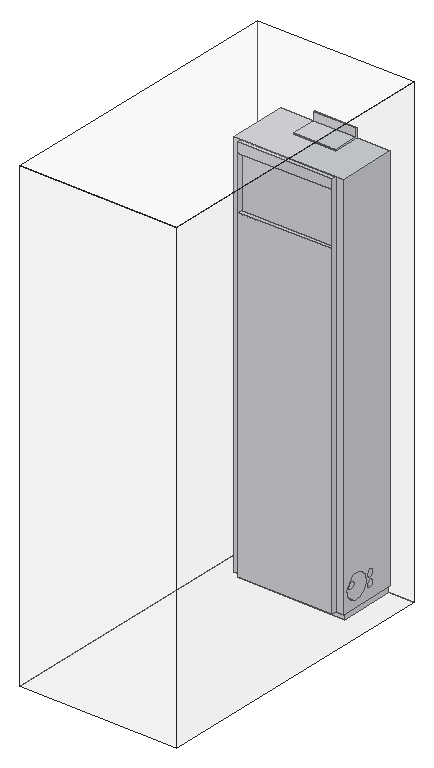
Revit family "ps-rp50160ka20_50hz", category 機械設備, Revit 2019
Family settings
  丸型コネクタ寸法 = 直径を使用
  パーツ タイプ = 標準
  OmniClass 番号 = 23.75.10.24.21.27.27
  OmniClass タイトル = Split System Air Conditioning Units
  作業面ベース = いいえ
  常に垂直 = はい
  ロード時にボイドで切り取り = いいえ
  共有 = いいえ
  部屋計算ポイント = はい
Parameters (values of type "床置_PS-RP50KA20")
  風量_強 (㎥/min) = 14
  風量_弱 (㎥/min) = 12
  風量_中 (㎥/min) = 13
  風量 = MAX風量  # 840.0 m³/h
  音響パワーレベル_弱 (dB) = 52
  音響パワーレベル_中 (dB) = 54
  音響パワーレベル_強 (dB) = 56
  音響パワーレベル(dB) = [音響パワーレベル_強 (dB)]  # 56
  電線用ノックアウト穴Z2 = 90 mm
  電線用ノックアウト穴Z1 = 130 mm
  電線用ノックアウト穴Y = 110 mm
  電源種別 = ""
  電源_H = 0 mm
  電機品箱位置W = 22 mm
  電機品箱位置H = 641 mm
  電機品箱位置D = 170 mm
  電機品箱W = 348 mm
  電機品箱H = 151 mm
  電機品箱D = 61 mm
  電圧 = 0 V
  電動機出力_送風機 = 0.05 kW
  運転質量 = 0.00 kg
  連動 = ""
  転倒防止金具幅 = 180 mm
  質量 = if(製品質量 > 運転質量, 製品質量, 運転質量) * 1.2  # 42.00 kg
  負荷分類 = 3_ファン類
  構成品番 = "PS-RP50KA20"
  吊り位置y_3 = 175 mm
  吊り位置X_3 = 80 mm
  冷媒，ドレン配管用ノックアウト穴正面-Z = 105 mm
  冷媒，ドレン配管用ノックアウト穴正面-X2 = 20 mm
  ドレン管径 (外径) = 26 mm
  【値が 0 の項目は組合せ形名にてご確認ください】 = ""
  MIN風量 = [風量_弱 (㎥/min)] * 60.0 m³/h  # 720.0 m³/h
  MID風量 = [風量_中 (㎥/min)] * 60.0 m³/h  # 780.0 m³/h
  MAX風量 = [風量_強 (㎥/min)] * 60.0 m³/h  # 840.0 m³/h
  吸込口高さ = 585 mm
  吸込口幅 = 405 mm
  吊り位置Y_1 = 55 mm
  吊り位置Y_2 = 145 mm
  吊り位置X_2 = 280 mm
  吊り位置X_1 = 200 mm
  冷媒，ドレン配管用ノックアウト穴側面-Z = 110 mm
  冷媒，ドレン配管用ノックアウト穴側面-Y = 180 mm
  冷媒，ドレン配管用ノックアウト穴正面-X1 = 75 mm
  冷媒液管位置-Z = 550 mm
  冷媒液管位置-Y = 201 mm
  冷媒液管位置-X = 45 mm
  冷媒ガス管位置-Z = 402 mm
  冷媒ガス管位置-Y = 186 mm
  冷媒ガス管位置-X = 78 mm
  吹出口高さ = 230 mm
  吹出口幅 = 400 mm
  ドレン管径-Y = 210 mm
  ドレン管径-X = 25 mm
  ケーブルサイズ = 0 mm
  Width = 470 mm
  URL = "https://www.mitsubishielectric.co.jp/ldg/wink/ssl/top.do"
  Height = 1700 mm
  説明 = "店舗・事務所用パッケージエアコン(Mr.SLIM) 床置形"
  設計暖房能力 = 0.00 kW
  設計冷房能力_顕熱 = 0 kW
  設計冷房能力 = 0 kW
  設置方法 = "床置形"
  記号 = ""
  製造元 = "三菱電機株式会社"
  製品質量 = 35.00 kg
  製品出荷対象 = "国内"
  製品リリース年月 = ""
  製品グループ = ""
  系統 = ""
  符号 = "PAC_FRV"
  積算_科目 = "1 空気調和設備"
  積算_拾い区分 [instance] = ""
  相 = 1
  盤記号 = ""
  発停方法 = "付属スイッチ"
  特殊仕様 = ""
  火災停止 = ""
  消費電力_暖房 = 0.08 kW
  消費電力_冷房 = 0.09 kW
  消費電力 = if(消費電力_冷房 > 消費電力_暖房, 消費電力_冷房, 消費電力_暖房)  # 0.09 kW
  法定耐用年数 = "6"
  極数 = 1
  材質 = ""
  本体マテリアル = none
  有効加湿量 = 0
  暖房能力 = 5.00 kW
  推奨ブレーカー容量 = 0 A
  形式_加湿器 = ""
  形式 = "床置（露出）立形"
  幹線記号 = ""
  始動方式 = "直入"
  呼称 = "室内機_床置（露出）立形（直吹）"
  周波数 = 50 Hz
  台数_手元リモコン = ""
  台数_冷媒分岐ユニット = ""
  参照している仕様書等のバージョン = "公共建築工事標準仕様書（機械設備工事編）平成31年度版"
  加湿給水管径 = 0.00 mm
  分類コード = "5.0053E+13"
  分類グループ = ""
  冷房能力 = 4.5 kW
  冷媒高低圧ガス管径 = 0.00 mm
  冷媒管径符号 = "Ac"
  冷媒管径 = 100.00 mm
  冷媒液管径 = 6.35 mm
  冷媒ガス管径 = 12.70 mm
  企業コード = "108420"
  付属品_フィルター = ""
  付属品 = ""
  仕様書バージョン = "Version1.0"
  Model = ""
  パネルマテリアル = none
  ドレン管径 = 20.00 mm
  サービススペース = yes
  コメント [instance] = ""
  ケーブル種類 = ""
  Version = ""
  Uniclass2015Version = "Systems v1.9"
  Uniclass2015Title = "Split coil remote air cooled condensing units"
  Uniclass2015Code = "Pr_70_65_03_84"
  SpecificationReference = ""
  SpecificationDescription = ""
  Revision = ""
  ProductInformation = ""
  OmniClassCode = "23-33 17 13 11"
  IfcTypeProduct = ""
  IfcProduct = ""
  IfcExportType = "AIRCONDITIONINGUNIT"
  IfcExportAs = "IfcUnitaryEquipmentType"
  Depth = 270 mm
  価格 = 0
  Clearance Top = 300 mm
  Clearance Right = 100 mm
  Clearance Left = 100 mm
  Clearance Front = 1000 mm
  Clearance Bottom = 0 mm
  Clearance Back = 5 mm
  B = 797 mm
  Author = "三菱電機株式会社"
  A = 172.5 mm
Types (8, lengths in mm): name | 風量_強 (㎥/min) | 風量_弱 (㎥/min) | 風量_中 (㎥/min) | 風量 | 音響パワーレベル_弱 (dB) | 音響パワーレベル_中 (dB) | 音響パワーレベル_強 (dB) | 音響パワーレベル(dB) | 電線用ノックアウト穴Z1 | 電線用ノックアウト穴Y | 電機品箱位置H | 電機品箱位置D | 電機品箱W | 電機品箱H | 電機品箱D | 電動機出力_送風機 | 転倒防止金具幅 | 質量 | 構成品番 | 吊り位置y_3 | 吊り位置X_3 | 冷媒，ドレン配管用ノックアウト穴正面-Z | MIN風量 | MID風量 | MAX風量 | 吸込口高さ | 吸込口幅 | 吊り位置Y_1 | 吊り位置Y_2 | 吊り位置X_2 | 吊り位置X_1 | 冷媒，ドレン配管用ノックアウト穴側面-Z | 冷媒，ドレン配管用ノックアウト穴側面-Y | 冷媒，ドレン配管用ノックアウト穴正面-X1 | 冷媒液管位置-Z | 冷媒液管位置-Y | 冷媒液管位置-X | 冷媒ガス管位置-Z | 冷媒ガス管位置-Y | 冷媒ガス管位置-X | 吹出口高さ | 吹出口幅 | ドレン管径-Y | ドレン管径-X | Width | Height | 製品質量 | 消費電力_暖房 | 消費電力_冷房 | 消費電力 | 暖房能力 | 冷房能力 | 冷媒管径符号 | 冷媒液管径 | 冷媒ガス管径 | Depth | B | A
  床置_PS-RP50KA20 | 14 | 12 | 13 | 840.0 m³/h | 52 | 54 | 56 | 56 | 130 | 110 | 641 | 170 | 348 | 151 | 61 | 0.05 kW | 180 | 42.00 kg | "PS-RP50KA20" | 175 | 80 | 105 | 720.0 m³/h | 780.0 m³/h | 840.0 m³/h | 585 | 405 | 55 | 145 | 280 | 200 | 110 | 180 | 75 | 550 | 201 | 45 | 402 | 186 | 78 | 230 | 400 | 210 | 25 | 470 | 1700 | 35.00 kg | 0.08 kW | 0.09 kW | 0.09 kW | 5.00 kW | 4.5 kW | "Ac" | 6.35 | 12.70 | 270 | 797 | 172.5
  床置_PS-RP56KA20 | 14 | 12 | 13 | 840.0 m³/h | 52 | 54 | 56 | 56 | 130 | 110 | 641 | 170 | 348 | 151 | 61 | 0.05 kW | 180 | 42.00 kg | "PS-RP56KA20" | 175 | 80 | 105 | 720.0 m³/h | 780.0 m³/h | 840.0 m³/h | 585 | 405 | 55 | 145 | 280 | 200 | 110 | 180 | 75 | 550 | 201 | 45 | 402 | 186 | 78 | 230 | 400 | 210 | 25 | 470 | 1700 | 35.00 kg | 0.08 kW | 0.09 kW | 0.09 kW | 5.60 kW | 5 kW | "Ac" | 6.35 | 12.70 | 270 | 797 | 172.5
  床置_PS-RP63KA20 | 15 | 13 | 14 | 900.0 m³/h | 52 | 54 | 56 | 56 | 130 | 110 | 641 | 170 | 348 | 151 | 61 | 0.05 kW | 180 | 42.00 kg | "PS-RP63KA20" | 175 | 80 | 105 | 780.0 m³/h | 840.0 m³/h | 900.0 m³/h | 585 | 405 | 55 | 145 | 280 | 200 | 110 | 180 | 75 | 550 | 201 | 45 | 402 | 186 | 78 | 230 | 400 | 210 | 25 | 470 | 1700 | 35.00 kg | 0.08 kW | 0.09 kW | 0.09 kW | 6.30 kW | 5.6 kW | "Ac" | 6.35 | 12.70 | 270 | 797 | 172.5
  床置_PS-RP71KA20 | 15 | 13 | 14 | 900.0 m³/h | 52 | 55 | 57 | 57 | 130 | 110 | 641 | 170 | 348 | 151 | 61 | 0.05 kW | 180 | 42.00 kg | "PS-RP71KA20" | 175 | 80 | 105 | 780.0 m³/h | 840.0 m³/h | 900.0 m³/h | 585 | 405 | 55 | 145 | 280 | 200 | 110 | 180 | 75 | 550 | 201 | 45 | 402 | 186 | 78 | 230 | 400 | 210 | 25 | 470 | 1700 | 35.00 kg | 0.08 kW | 0.09 kW | 0.09 kW | 7.10 kW | 6.3 kW | "Bd" | 9.52 | 15.88 | 270 | 797 | 172.5
  床置_PS-RP80KA20 | 15 | 13 | 14 | 900.0 m³/h | 52 | 55 | 57 | 57 | 130 | 110 | 641 | 170 | 348 | 151 | 61 | 0.05 kW | 180 | 42.00 kg | "PS-RP80KA20" | 175 | 80 | 105 | 780.0 m³/h | 840.0 m³/h | 900.0 m³/h | 585 | 405 | 55 | 145 | 280 | 200 | 110 | 180 | 75 | 550 | 201 | 45 | 402 | 186 | 78 | 230 | 400 | 210 | 25 | 470 | 1700 | 35.00 kg | 0.08 kW | 0.09 kW | 0.09 kW | 8.00 kW | 7.1 kW | "Bd" | 9.52 | 15.88 | 270 | 797 | 172.5
  床置_PS-RP112KA20 | 30 | 24 | 27 | 1800.0 m³/h | 57 | 61 | 63 | 63 | 140 | 190 | 714 | 245 | 461 | 123 | 66 | 0.16 kW | 260 | 58.80 kg | "PS-RP112KA20" | 254 | 99 | 110 | 1440.0 m³/h | 1620.0 m³/h | 1800.0 m³/h | 599 | 524 | 77 | 201 | 277 | 218 | 115 | 260 | 105 | 590 | 261 | 48 | 480 | 261 | 95 | 260 | 520 | 289 | 27 | 600 | 1900 | 49.00 kg | 0.20 kW | 0.21 kW | 0.21 kW | 11.20 kW | 10 kW | "Bd" | 9.52 | 15.88 | 360 | 834 | 181
  床置_PS-RP140KA20 | 30 | 24 | 27 | 1800.0 m³/h | 57 | 61 | 63 | 63 | 140 | 190 | 714 | 245 | 461 | 123 | 66 | 0.16 kW | 260 | 58.80 kg | "PS-RP140KA20" | 254 | 99 | 110 | 1440.0 m³/h | 1620.0 m³/h | 1800.0 m³/h | 599 | 524 | 77 | 201 | 277 | 218 | 115 | 260 | 105 | 590 | 261 | 48 | 480 | 261 | 95 | 260 | 520 | 289 | 27 | 600 | 1900 | 49.00 kg | 0.20 kW | 0.21 kW | 0.21 kW | 14.00 kW | 12.5 kW | "Bd" | 9.52 | 15.88 | 360 | 834 | 181
  床置_PS-RP160KA20 | 30 | 24 | 27 | 1800.0 m³/h | 59 | 62 | 64 | 64 | 140 | 190 | 714 | 245 | 461 | 123 | 66 | 0.16 kW | 260 | 58.80 kg | "PS-RP160KA20" | 254 | 99 | 110 | 1440.0 m³/h | 1620.0 m³/h | 1800.0 m³/h | 599 | 524 | 77 | 201 | 277 | 218 | 115 | 260 | 105 | 590 | 261 | 48 | 480 | 261 | 95 | 260 | 520 | 289 | 27 | 600 | 1900 | 49.00 kg | 0.20 kW | 0.21 kW | 0.21 kW | 16.00 kW | 14 kW | "Bd" | 9.52 | 15.88 | 360 | 834 | 181
Reference planes
  plane 1 "中心(正面/背面)": y = 0
  plane 2: z = 0
  plane 3 "中心(左/右)": x = 0
  plane 4: x = -235
  plane 5: x = 235
  plane 6: z = 1700
  plane 7: z = 30
  plane 8: x = 157
  plane 9: x = 190
  plane 10: x = 210
  plane 11: x = -90
  plane 12: x = 90
  plane 13: z = 550
  plane 14: z = 402
  plane 15: z = 1430
  plane 16: z = 757.5
  plane 17: z = 172.5
  plane 18: x = -202.5
  plane 19: x = 202.5
  plane 20: z = 827
  plane 21: z = 1660
  plane 22: x = -335
  plane 23: x = 335
  plane 24: z = 2000
  plane 25: z = 110
  plane 26 "本体背面": y = 0
  plane 27: y = -250
  plane 28 "Front": y = -270
  plane 29: y = -186
  plane 30: y = -201
  plane 31: y = -210
  plane 32: y = 5
  plane 33: y = -1270
  plane 34: y = -180
  plane 35: y = -110
  plane 36: x = -122.5
  plane 37: x = 122.5
  plane 38: y = -55
  plane 39: y = -200
  plane 40: x = -140
  plane 41: x = 140
  plane 42: x = -100
  plane 43: x = 100
  plane 44: z = 105
  plane 45: x = 160
  plane 46: x = -20
  plane 47: z = 90
  plane 48: z = 130
  plane 49: z = 125
  plane 50: x = -225
  plane 51: y = -175
  plane 52: x = 155
  plane 53: y = -170
  plane 54: y = -231
  plane 55: z = 641
  plane 56: z = 792
  plane 57: x = -213
  plane 58: x = 135
Forms (mm)
  Extrusion 1, solid
    sketch origin (0, -125, 0) x (1, 0, 0) y (0, 1, 0)
      loop
        line (-235, 125) -> (-235, -125) -> (235, -125) -> (235, 125) -> (-235, 125)
    from 30 to 1700
  Extrusion 2, solid, detail levels fine
    sketch origin (0, -125, 0) x (1, 0, 0) y (0, 1, 0)
      loop
        line (-202.5, -145) -> (202.5, -145) -> (202.5, -125) -> (-202.5, -125) -> (-202.5, -145)
    from 30 to 1700
  Extrusion 3, solid, detail levels fine
    sketch origin (0, -125, 0) x (1, 0, 0) y (0, 1, 0)
      loop
        line (-225, -105) -> (225, -105) -> (225, 125) -> (-225, 125) -> (-225, -105)
    from 0 to 30
  Extrusion 4, solid, detail levels fine
    sketch origin (0, -125, 0) x (0, 1, 0) y (0, 0, 1)
      loop
        line (125, 1740) -> (120, 1740) -> (120, 1704.676) -> (14, 1704.676) -> (14, 1700) -> (125, 1700) -> (125, 1740)
    from -90 to 90
  Extrusion 5, solid, detail levels fine
    sketch origin (0, -125, 0) x (1, 0, 0) y (0, 1, 0)
      loop
        circle (157, -61) r 6.35
    from 402 to 827
  Extrusion 6, solid, detail levels fine
    sketch origin (35, -140, 0) x (1, 0, 0) y (0, 1, 0)
      loop
        circle (155, -61) r 3.175
    from 550 to 827
  Extrusion 7, solid, detail levels fine
    sketch origin (0, -125, 0) x (1, 0, 0) y (0, 1, 0)
      loop
        circle (210, -85) r 13
    from 125 to 827
  Extrusion 8, void
    sketch origin (0, -125, 0) x (1, 0, 0) y (0, 0, 1)
      loop
        line (-200, 1660) -> (-200, 1430) -> (200, 1430) -> (200, 1660) -> (-200, 1660)
    from 125 to 145
  Extrusion 9, solid, detail levels fine
    sketch origin (0, -125, 0) x (0, 1, 0) y (0, 0, 1)
      loop
        circle (-55, 110) r 50
    from 225 to 235
  Extrusion 10, solid
    sketch origin (1480.036, -270, 1200) x (1, 0, 0) y (0, 0, -1)
      loop
        circle (-1500.036, 1095) r 50
    from 265 to 270
  Extrusion 11, solid
    sketch origin (1630.036, -270, 1200) x (1, 0, 0) y (0, 0, -1)
      loop
        circle (-1470.036, 1095) r 50
    from 265 to 270
  Extrusion 12, solid, detail levels fine
    sketch origin (0, 0, 0) x (0, 1, 0) y (0, 0, 1)
      loop
        circle (-110, 90) r 13.5
      loop
        circle (-110, 130) r 13.5
    from 225 to 235
  Extrusion 13, solid
    sketch origin (0, 0, 0) x (1, 0, 0) y (0, 1, 0)
      loop
        circle (185, -175) r 13
    from 0 to 1.766
  Extrusion 14, solid
    sketch origin (0, 0, 0) x (0, 1, 0) y (0, 0, 1)
      loop
        circle (-210, 125) r 13
    from 235 to 225
  Extrusion 15, solid
    sketch origin (0, 0, 0) x (0, 1, 0) y (0, 0, 1)
      loop
        circle (-180, 110) r 50
    from -225 to -235
  Extrusion 16, solid
    sketch origin (0, 0, 0) x (0, 1, 0) y (0, 0, 1)
      loop
        circle (-210, 125) r 13
    from -235 to -225
  Extrusion 17, solid
    sketch origin (0, 0, 0) x (1, 0, 0) y (0, 1, 0)
      loop
        circle (155, -175) r 50
    from 0 to 30
  Extrusion 18, solid
    sketch origin (1480.036, -270, 1200) x (1, 0, 0) y (0, 0, -1)
      loop
        circle (-1470.036, 1090) r 13
    from 270 to 265
  Extrusion 19, solid
    sketch origin (1480.036, -270, 1200) x (1, 0, 0) y (0, 0, -1)
      loop
        circle (-1290.036, 1090) r 13
    from 265 to 270
  Extrusion 20, solid, detail levels fine
    sketch origin (0, 0, 0) x (1, 0, 0) y (0, 0, 1)
      loop
        line (-213, 792) -> (-213, 641) -> (135, 641) -> (135, 792) -> (-213, 792)
    from 170 to 231
Cuts and joins
  Extrusion 8 cuts Extrusion 1
  Extrusion 8 cuts Extrusion 2
Lines and regions (mm)
  model lines, detail levels fine
    curve 1: line (-235, -250, 827) -> (-202.5, -250, 827)
    curve 2: line (235, -250, 827) -> (202.5, -250, 827)
    curve 3: line (-202.5, -270, 172.5) -> (202.5, -270, 172.5)
    curve 4: line (-202.5, -270, 757.5) -> (-202.5, -270, 172.5)
    curve 5: line (202.5, -270, 757.5) -> (202.5, -270, 172.5)
    curve 6: line (-202.5, -270, 757.5) -> (202.5, -270, 757.5)
    curve 7: line (-202.5, -270, 189.706) -> (202.5, -270, 189.706)
    curve 8: line (-202.5, -270, 206.912) -> (202.5, -270, 206.912)
    curve 9: line (-202.5, -270, 224.118) -> (202.5, -270, 224.118)
    curve 10: line (-202.5, -270, 241.324) -> (202.5, -270, 241.324)
    curve 11: line (-202.5, -270, 258.529) -> (202.5, -270, 258.529)
    curve 12: line (-202.5, -270, 275.735) -> (202.5, -270, 275.735)
    curve 13: line (-202.5, -270, 292.941) -> (202.5, -270, 292.941)
    curve 14: line (-202.5, -270, 310.147) -> (202.5, -270, 310.147)
    curve 15: line (-202.5, -270, 327.353) -> (202.5, -270, 327.353)
    curve 16: line (-202.5, -270, 344.559) -> (202.5, -270, 344.559)
    curve 17: line (-202.5, -270, 361.765) -> (202.5, -270, 361.765)
    curve 18: line (-202.5, -270, 378.971) -> (202.5, -270, 378.971)
    curve 19: line (-202.5, -270, 396.176) -> (202.5, -270, 396.176)
    curve 20: line (-202.5, -270, 413.382) -> (202.5, -270, 413.382)
    curve 21: line (-202.5, -270, 430.588) -> (202.5, -270, 430.588)
    curve 22: line (-202.5, -270, 447.794) -> (202.5, -270, 447.794)
    curve 23: line (-202.5, -270, 465) -> (202.5, -270, 465)
    curve 24: line (-202.5, -270, 482.206) -> (202.5, -270, 482.206)
    curve 25: line (-202.5, -270, 499.412) -> (202.5, -270, 499.412)
    curve 26: line (-202.5, -270, 516.618) -> (202.5, -270, 516.618)
    curve 27: line (-202.5, -270, 533.824) -> (202.5, -270, 533.824)
    curve 28: line (-202.5, -270, 551.029) -> (202.5, -270, 551.029)
    curve 29: line (-202.5, -270, 568.235) -> (202.5, -270, 568.235)
    curve 30: line (-202.5, -270, 585.441) -> (202.5, -270, 585.441)
    curve 31: line (-202.5, -270, 602.647) -> (202.5, -270, 602.647)
    curve 32: line (-202.5, -270, 619.853) -> (202.5, -270, 619.853)
    curve 33: line (-202.5, -270, 637.059) -> (202.5, -270, 637.059)
    curve 34: line (-202.5, -270, 654.265) -> (202.5, -270, 654.265)
    curve 35: line (-202.5, -270, 671.471) -> (202.5, -270, 671.471)
    curve 36: line (-202.5, -270, 688.676) -> (202.5, -270, 688.676)
    curve 37: line (-202.5, -270, 705.882) -> (202.5, -270, 705.882)
    curve 38: line (-202.5, -270, 723.088) -> (202.5, -270, 723.088)
    curve 39: line (-202.5, -270, 740.294) -> (202.5, -270, 740.294)
    curve 40: line (200, -270, 1660) -> (200, -270, 1430)
    curve 41: line (-200, -270, 1430) -> (200, -270, 1430)
    curve 42: line (-60, -270, 1326) -> (60, -270, 1326)
    curve 43: line (-60, -270, 1206) -> (-60, -270, 1326)
    curve 44: line (60, -270, 1206) -> (-60, -270, 1206)
    curve 45: line (60, -270, 1326) -> (60, -270, 1206)
    curve 46: line (-200, -270, 1430) -> (200, -270, 1430)
    curve 47: line (-200, -270, 1660) -> (-200, -270, 1430)
    curve 48: line (-200, -270, 1660) -> (200, -270, 1660)
    curve 49: line (-200, -270, 1462.857) -> (200, -270, 1462.857)
    curve 50: line (-200, -270, 1495.714) -> (200, -270, 1495.714)
    curve 51: line (-200, -270, 1528.571) -> (200, -270, 1528.571)
    curve 52: line (-200, -270, 1561.429) -> (200, -270, 1561.429)
    curve 53: line (-200, -270, 1594.286) -> (200, -270, 1594.286)
    curve 54: line (-200, -270, 1627.143) -> (200, -270, 1627.143)
    curve 55: line (200, -270, 1660) -> (200, -270, 1430)
    curve 56: line (-142.857, -270, 1660) -> (-142.857, -270, 1430)
    curve 57: line (-85.714, -270, 1660) -> (-85.714, -270, 1430)
    curve 58: line (-28.571, -270, 1660) -> (-28.571, -270, 1430)
    curve 59: line (28.571, -270, 1660) -> (28.571, -270, 1430)
    curve 60: line (85.714, -270, 1660) -> (85.714, -270, 1430)
    curve 61: line (142.857, -270, 1660) -> (142.857, -270, 1430)
    curve 62: line (-202.5, -270, 827) -> (-94.055, -270, 827)
    curve 63: line (202.5, -270, 827) -> (94.055, -270, 827)
    curve 64: arc (-94.055, -270, 827) -> (-84.472, -270, 826.073) -> (-75.244, -270, 823.326) r 50
    curve 65: arc (75.244, -270, 823.326) -> (84.472, -270, 826.073) -> (94.055, -270, 827) r 50
    curve 66: arc (-75.244, -270, 823.326) -> (0, -270, 808.632) -> (75.244, -270, 823.326) r 200
Dimensions and locks
  equal spacing: plane 4, plane 3 "中心(左/右)", plane 5
  "Width": plane 4 to plane 5
  "Height": plane 6 to plane 2
  plane 7 to level = 30 mm
  equal spacing: plane 11, plane 3 "中心(左/右)", plane 12
  "転倒防止金具幅": plane 11 to plane 12
  "冷媒液管位置-Z": plane 13 to plane 2
  "冷媒ガス管位置-Z": plane 14 to plane 2
  "A": plane 17 to plane 2
  "吸込口高さ": plane 16 to plane 17
  "B": plane 20 to plane 7
  locked: plane 6 to plane 21 at 40
  "吹出口高さ": plane 21 to plane 15
  equal spacing: plane 19, plane 3 "中心(左/右)", plane 18
  "吸込口幅": plane 19 to plane 18
  plane 12 to plane 11 = 180 mm
  plane 5 to plane 4 = 470 mm
  "Clearance Left": plane 22 to plane 4
  "Clearance Top": plane 24 to plane 6
  "冷媒，ドレン配管用ノックアウト穴側面-Z": plane 25 to plane 2
  plane 27 to plane 28 "Front" = 20 mm
  locked: Extrusion 3 sketch curve to plane 5 at 10
  locked: Extrusion 3 sketch curve to plane 27 at 20
  "冷媒ガス管位置-Y": plane 29 to plane 26 "本体背面"
  "冷媒液管位置-Y": plane 30 to plane 26 "本体背面"
  "ドレン管径-Y": plane 31 to plane 26 "本体背面"
  locked: Extrusion 4 sketch curve to Extrusion 4 sketch curve at 5
  locked: Extrusion 4 sketch curve to Extrusion 4 sketch curve at 111
  "冷媒ガス管位置-X": plane 8 to plane 5
  "冷媒液管位置-X": plane 9 to plane 5
  "ドレン管径-X": plane 10 to plane 5
  equal spacing: Extrusion 8 sketch curve, plane 3 "中心(左/右)", Extrusion 8 sketch curve
  "吹出口幅": Extrusion 8 sketch curve to Extrusion 8 sketch curve
  "Clearance Front": plane 28 "Front" to plane 33
  "Clearance Back": plane 26 "本体背面" to plane 32
  "Clearance Right": plane 5 to plane 23
  locked: Extrusion 9 to plane 5 at 10
  equal spacing: curve 6, curve 39, curve 38, curve 37, curve 36, curve 35, curve 34, curve 33, curve 32, curve 31, curve 30, curve 29, curve 28, curve 27, curve 26, curve 25, curve 24, curve 23, curve 22, curve 21, curve 20, curve 19, curve 18, curve 17, curve 16, curve 15, curve 14, curve 13, curve 12, curve 11, curve 10, curve 9, curve 8, curve 7, curve 3
  cut or joined group of Extrusion 2, Extrusion 8 to cut or joined group of Extrusion 2, Extrusion 8 = 400 mm
  locked: curve 42 to curve 44 at 120
  locked: curve 45 to curve 43 at 120
  equal spacing: cut or joined group of Extrusion 2, Extrusion 8, curve 54, curve 53, curve 52, curve 51, curve 50, curve 49, cut or joined group of Extrusion 2, Extrusion 8
  "Clearance Bottom": plane 2 to nested 1
  locked: plane 15 to curve 42 at 104
  "電線用ノックアウト穴Y": plane 26 "本体背面" to plane 35
  "冷媒，ドレン配管用ノックアウト穴側面-Y": plane 26 "本体背面" to plane 34
  equal spacing: curve 45, plane 3 "中心(左/右)", curve 43
  equal spacing: cut or joined group of Extrusion 2, Extrusion 8, curve 56, curve 57, curve 58, curve 59, curve 60, curve 61, cut or joined group of Extrusion 2, Extrusion 8
  "吊り位置Y_1": plane 38 to plane 26 "本体背面"
  "吊り位置Y_2": plane 38 to plane 39
  equal spacing: plane 40, plane 3 "中心(左/右)", plane 41
  "吊り位置X_2": plane 40 to plane 41
  equal spacing: plane 42, plane 3 "中心(左/右)", plane 43
  "吊り位置X_1": plane 42 to plane 43
  "冷媒，ドレン配管用ノックアウト穴正面-X1": plane 45 to plane 5
  "冷媒，ドレン配管用ノックアウト穴正面-X2": plane 3 "中心(左/右)" to plane 46
  "電線用ノックアウト穴Z2": plane 47 to level
  "電線用ノックアウト穴Z1": plane 48 to plane 2
  locked: Extrusion 11 to cut or joined group of Extrusion 1, Extrusion 8 at 5
  locked: Extrusion 10 to cut or joined group of Extrusion 1, Extrusion 8 at 5
  "冷媒，ドレン配管用ノックアウト穴正面-Z": plane 2 to plane 44
  plane 8 to plane 9 = 33 mm
  "Depth": plane 26 "本体背面" to plane 28 "Front"
  plane 49 to level = 125 mm
  plane 50 to plane 4 = 10 mm
  "吊り位置y_3": plane 26 "本体背面" to plane 51
  "吊り位置X_3": plane 52 to plane 5
  Extrusion 18 sketch curve to plane 46 = 30 mm
  plane 45 to Extrusion 19 sketch curve = 30 mm
  plane 52 to Extrusion 13 sketch curve = 30 mm
  "電機品箱位置D": plane 53 to plane 26 "本体背面"
  "電機品箱D": plane 54 to plane 53
  "電機品箱位置H": plane 55 to plane 2
  "電機品箱H": plane 56 to plane 55
  "電機品箱位置W": plane 57 to plane 4
  "電機品箱W": plane 58 to plane 57
  "冷媒ガス管径": diameter of Extrusion 5 sketch curve
  "冷媒液管径": diameter of Extrusion 6 sketch curve
  "ドレン管径 (外径)": diameter of Extrusion 7 sketch curve
  "冷媒管径": diameter of Extrusion 9 sketch curve
  "冷媒管径": diameter of Extrusion 10 sketch curve
  "冷媒管径": diameter of Extrusion 11 sketch curve
  radius of curve 66 = 200 mm
  "ドレン管径 (外径)": diameter of Extrusion 13 sketch curve
  "ドレン管径 (外径)": diameter of Extrusion 14 sketch curve
  "冷媒管径": diameter of Extrusion 17 sketch curve
  "ドレン管径 (外径)": diameter of Extrusion 18 sketch curve
  "ドレン管径 (外径)": diameter of Extrusion 19 sketch curve
  aligned and locked: level to plane 2
  aligned and locked: plane 26 "本体背面" to Extrusion 1 sketch curve
  aligned and locked: plane 27 to Extrusion 1 sketch curve
  aligned and locked: plane 5 to Extrusion 1 sketch curve
  aligned and locked: plane 27 to Extrusion 2 sketch curve
  aligned and locked: Extrusion 2 sketch curve to plane 28 "Front"
  aligned and locked: Extrusion 3 sketch curve to plane 26 "本体背面"
  aligned and locked: plane 8 to Extrusion 5 sketch curve
  aligned and locked: plane 29 to Extrusion 5 sketch curve
  aligned and locked: plane 9 to Extrusion 6 sketch curve
  aligned and locked: plane 30 to Extrusion 6 sketch curve
  aligned and locked: plane 10 to Extrusion 7 sketch curve
  aligned and locked: plane 31 to Extrusion 7 sketch curve
  aligned and locked: Extrusion 7 to Extrusion 5
  aligned and locked: Extrusion 6 to Extrusion 5
  aligned and locked: Extrusion 8 to plane 28 "Front"
  aligned and locked: plane 27 to Extrusion 8
  aligned and locked: plane 32 to nested 1
  aligned and locked: nested 1 to plane 33
  aligned and locked: plane 34 to Extrusion 9 sketch curve
  aligned and locked: Extrusion 9 to plane 5
  aligned and locked: Extrusion 9 to Extrusion 3
  aligned and locked: nested 1 to plane 23
  aligned and locked: plane 23 to nested 1
  aligned and locked: plane 1 "中心(正面/背面)" to plane 26 "本体背面"
  aligned and locked: plane 24 to nested 1
  aligned and locked: plane 6 to cut or joined group of Extrusion 2, Extrusion 8
  aligned and locked: plane 6 to cut or joined group of Extrusion 1, Extrusion 8
  aligned and locked: Extrusion 4 to plane 6
  aligned and locked: plane 21 to cut or joined group of Extrusion 2, Extrusion 8
  aligned and locked: cut or joined group of Extrusion 2, Extrusion 8 to plane 15
  aligned and locked: cut or joined group of Extrusion 2, Extrusion 8 to plane 18
  aligned and locked: plane 19 to curve 5
  aligned and locked: plane 19 to curve 2
  aligned and locked: plane 18 to curve 1
  aligned and locked: Extrusion 5 to plane 14
  aligned and locked: Extrusion 6 to plane 13
  aligned and locked: curve 4 to plane 18
  aligned and locked: cut or joined group of Extrusion 2, Extrusion 8 to plane 19
  aligned and locked: plane 18 to cut or joined group of Extrusion 2, Extrusion 8
  aligned and locked: curve 55 to cut or joined group of Extrusion 2, Extrusion 8
  aligned and locked: curve 47 to cut or joined group of Extrusion 2, Extrusion 8
  aligned and locked: curve 48 to plane 21
  aligned and locked: curve 46 to plane 15
  aligned and locked: plane 18 to curve 62
  aligned and locked: curve 62 to plane 20
  aligned and locked: plane 19 to curve 63
  aligned and locked: plane 20 to curve 63
  aligned and locked: plane 20 to curve 65
  aligned and locked: plane 22 to nested 1
  aligned and locked: Extrusion 1 to plane 4
  aligned and locked: cut or joined group of Extrusion 1, Extrusion 8 to plane 5
  aligned and locked: nested 1 to plane 24
  aligned and locked: cut or joined group of Extrusion 1, Extrusion 8 to plane 6
  aligned and locked: nested 2 to plane 38
  aligned and locked: nested 2 to plane 39  (x2)
  aligned and locked: plane 3 "中心(左/右)" to nested 2
  aligned and locked: nested 2 to plane 40
  aligned and locked: plane 41 to nested 2
  aligned and locked: plane 38 to nested 2
  aligned and locked: nested 2 to plane 41
  aligned and locked: plane 40 to nested 2
  aligned and locked: plane 46 to Extrusion 10 sketch curve
  aligned and locked: plane 44 to Extrusion 10 sketch curve
  aligned and locked: plane 45 to Extrusion 11 sketch curve
  aligned and locked: plane 44 to Extrusion 11 sketch curve
  aligned and locked: Extrusion 11 to plane 1 "中心(正面/背面)"
  aligned and locked: Extrusion 10 to plane 1 "中心(正面/背面)"
  aligned and locked: Extrusion 4 to Extrusion 10
  aligned and locked: level to nested 1  (x2)
  aligned and locked: plane 48 to Extrusion 12 sketch curve
  aligned and locked: plane 47 to Extrusion 12 sketch curve
  aligned and locked: Extrusion 12 to plane 5
  aligned and locked: Extrusion 12 to Extrusion 3
  aligned and locked: Extrusion 7 to plane 49
  aligned and locked: plane 31 to Extrusion 14 sketch curve
  aligned and locked: plane 49 to Extrusion 14 sketch curve
  aligned and locked: Extrusion 14 to plane 5
  aligned and locked: Extrusion 9 to Extrusion 14
  aligned and locked: Extrusion 15 sketch curve to Extrusion 9
  aligned and locked: Extrusion 15 to plane 4
  aligned and locked: Extrusion 3 to Extrusion 15
  aligned and locked: Extrusion 16 sketch curve to Extrusion 14
  aligned and locked: Extrusion 16 to plane 4
  aligned and locked: Extrusion 3 to Extrusion 16
  aligned and locked: plane 52 to Extrusion 17 sketch curve
  aligned and locked: plane 51 to Extrusion 17 sketch curve
  aligned and locked: plane 25 to Extrusion 18 sketch curve
  aligned and locked: plane 25 to Extrusion 19 sketch curve
  aligned and locked: Extrusion 18 to plane 1 "中心(正面/背面)"
  aligned and locked: Extrusion 10 to Extrusion 18
  aligned and locked: Extrusion 19 to plane 1 "中心(正面/背面)"
  aligned and locked: Extrusion 10 to Extrusion 19
  aligned and locked: plane 51 to Extrusion 13 sketch curve
  aligned and locked: plane 58 to Extrusion 20
  aligned and locked: Extrusion 20 to plane 57
  aligned and locked: Extrusion 20 to plane 55
  aligned and locked: plane 56 to Extrusion 20
  aligned and locked: Extrusion 20 to plane 53
  aligned and locked: plane 54 to Extrusion 20
Automatic sketch dimensions
  Extrusion 1 sketch curve to plane 4 = 0 mm
  Extrusion 2 sketch curve to plane 18 = 0 mm
  Extrusion 2 sketch curve to plane 19 = 0 mm
  plane 4 to Extrusion 3 sketch curve = 10 mm
  Extrusion 4 sketch curve to plane 6 = 0 mm
  plane 1 "中心(正面/背面)" to Extrusion 4 sketch curve = 0 mm
  plane 6 to Extrusion 4 sketch curve = 4.676 mm
  Extrusion 4 sketch curve to Extrusion 4 sketch curve = 35.324 mm
  curve 1 to plane 4 = 0 mm
  plane 5 to curve 2 = 0 mm
  curve 1 to plane 20 = 0 mm
  curve 2 to plane 20 = 0 mm
  curve 3 to plane 17 = 0 mm
  curve 3 to plane 18 = 0 mm
  curve 66 to plane 3 "中心(左/右)" = 0 mm
  curve 6 to plane 16 = 0 mm
  plane 11 to curve 62 = 4.055 mm
  plane 12 to curve 63 = 4.055 mm
  curve 65 to plane 16 = 19.5 mm
  curve 64 to plane 16 = 19.5 mm
  curve 66 to curve 64 = 0 mm
  Extrusion 12 sketch curve to plane 35 = 0 mm  (x2)
  Extrusion 20 sketch curve to plane 55 = 0 mm
  Extrusion 20 sketch curve to plane 57 = 0 mm
  Extrusion 20 sketch curve to plane 58 = 0 mm
  plane 16 to Extrusion 20 sketch curve = 34.5 mm
  Extrusion 8 sketch curve to plane 15 = 0 mm
  Extrusion 8 sketch curve to plane 21 = 0 mm
  Extrusion 9 sketch curve to plane 25 = 0 mm
  radius of Extrusion 12 sketch curve = 13.5 mm  (x2)
Nested families
  nested 1: "サービススペース" at (0, -632.5, 1000), visible <- "サービススペース", type "サービススペース"
    with Width 670 mm, Height 2000 mm, Depth 1275 mm
  nested 2: "固定点" at (0, -200, 0), W2 <- "吊り位置X_2", D <- "吊り位置Y_2", W1 <- "吊り位置X_1", type "固定点"
    with W2 280 mm, W1 200 mm, D 145 mm
Connectors
  piping at (235, -180, 110), diameter 100, driven by "冷媒管径", driven by "冷媒管径符号"
    settings: on Extrusion 9, index 6, connector inside diameter 609.60 mm, connector length 0 mm, flow factor 0, pipe flow 0.0 L/s, pressure drop 0.0 Pa, fitting loss kfactor 0, connector angle 0.00°, fixture units 0, engagement length 0 mm, angle of deflection 0.00°, flow configuration 1, flow direction 1, fitting loss method 4, system type 7, joint type 0, gender type 0, connector reference index -1, connector utility 0, adjustable connector no, is connector primary yes, connector description "Ac"
  piping at (160, 0, 105), diameter 100, driven by "冷媒管径", driven by "冷媒管径符号"
    settings: on Extrusion 11, index 8, connector inside diameter 609.60 mm, connector length 0 mm, flow factor 0, pipe flow 0.0 L/s, pressure drop 0.0 Pa, fitting loss kfactor 0, connector angle 0.00°, fixture units 0, engagement length 0 mm, angle of deflection 0.00°, flow configuration 1, flow direction 1, fitting loss method 4, system type 7, joint type 0, gender type 0, connector reference index -1, connector utility 0, adjustable connector no, is connector primary no, connector description "Ac"
  piping at (-20, 0, 105), diameter 100, driven by "冷媒管径", driven by "冷媒管径符号"
    settings: on Extrusion 10, index 9, connector inside diameter 609.60 mm, connector length 0 mm, flow factor 0, pipe flow 0.0 L/s, pressure drop 0.0 Pa, fitting loss kfactor 0, connector angle 0.00°, fixture units 0, engagement length 0 mm, angle of deflection 0.00°, flow configuration 1, flow direction 1, fitting loss method 4, system type 7, joint type 0, gender type 0, connector reference index -1, connector utility 0, adjustable connector no, is connector primary no, connector description "Ac"
  piping at (185, -175, 0), diameter 20, driven by "ドレン管径"
    settings: on Extrusion 13, index 11, connector inside diameter 609.60 mm, connector length 0 mm, flow factor 0, pipe flow 0.0 L/s, pressure drop 0.0 Pa, fitting loss kfactor 0, connector angle 0.00°, fixture units 0, engagement length 0 mm, angle of deflection 0.00°, flow configuration 1, flow direction 2, fitting loss method 4, system type 16, joint type 0, gender type 0, connector reference index -1, connector utility 0, adjustable connector no, is connector primary no, connector description ""
  piping at (235, -210, 125), diameter 20, driven by "ドレン管径"
    settings: on Extrusion 14, index 12, connector inside diameter 609.60 mm, connector length 0 mm, flow factor 0, pipe flow 0.0 L/s, pressure drop 0.0 Pa, fitting loss kfactor 0, connector angle 0.00°, fixture units 0, engagement length 0 mm, angle of deflection 0.00°, flow configuration 1, flow direction 2, fitting loss method 4, system type 16, joint type 0, gender type 0, connector reference index -1, connector utility 0, adjustable connector no, is connector primary no, connector description ""
  piping at (-235, -180, 110), diameter 100, driven by "冷媒管径", driven by "冷媒管径符号"
    settings: on Extrusion 15, index 13, connector inside diameter 609.60 mm, connector length 0 mm, flow factor 0, pipe flow 0.0 L/s, pressure drop 0.0 Pa, fitting loss kfactor 0, connector angle 0.00°, fixture units 0, engagement length 0 mm, angle of deflection 0.00°, flow configuration 1, flow direction 1, fitting loss method 4, system type 7, joint type 0, gender type 0, connector reference index -1, connector utility 0, adjustable connector no, is connector primary no, connector description "Ac"
  piping at (-235, -210, 125), diameter 20, driven by "ドレン管径"
    settings: on Extrusion 16, index 14, connector inside diameter 609.60 mm, connector length 0 mm, flow factor 0, pipe flow 0.0 L/s, pressure drop 0.0 Pa, fitting loss kfactor 0, connector angle 0.00°, fixture units 0, engagement length 0 mm, angle of deflection 0.00°, flow configuration 2, flow direction 2, fitting loss method 4, system type 16, joint type 0, gender type 0, connector reference index -1, connector utility 0, adjustable connector no, is connector primary no, connector description ""
  piping at (155, -175, 0), diameter 100, driven by "冷媒管径", driven by "冷媒管径符号"
    settings: on Extrusion 17, index 15, connector inside diameter 609.60 mm, connector length 0 mm, flow factor 0, pipe flow 0.0 L/s, pressure drop 0.0 Pa, fitting loss kfactor 0, connector angle 0.00°, fixture units 0, engagement length 0 mm, angle of deflection 0.00°, flow configuration 1, flow direction 1, fitting loss method 4, system type 7, joint type 0, gender type 0, connector reference index -1, connector utility 0, adjustable connector no, is connector primary no, connector description "Ac"
  piping at (190, 0, 110), diameter 20, driven by "ドレン管径"
    settings: on Extrusion 19, index 16, connector inside diameter 609.60 mm, connector length 0 mm, flow factor 0, pipe flow 0.0 L/s, pressure drop 0.0 Pa, fitting loss kfactor 0, connector angle 0.00°, fixture units 0, engagement length 0 mm, angle of deflection 0.00°, flow configuration 1, flow direction 2, fitting loss method 4, system type 16, joint type 0, gender type 0, connector reference index -1, connector utility 0, adjustable connector no, is connector primary no, connector description ""
  piping at (10, 0, 110), diameter 20, driven by "ドレン管径"
    settings: on Extrusion 18, index 17, connector inside diameter 609.60 mm, connector length 0 mm, flow factor 0, pipe flow 0.0 L/s, pressure drop 0.0 Pa, fitting loss kfactor 0, connector angle 0.00°, fixture units 0, engagement length 0 mm, angle of deflection 0.00°, flow configuration 1, flow direction 2, fitting loss method 4, system type 16, joint type 0, gender type 0, connector reference index -1, connector utility 0, adjustable connector no, is connector primary no, connector description ""
  electrical at (-39, -231, 716.5), driven by "極数", driven by "負荷分類", driven by "電圧", driven by "消費電力"
    settings: on Extrusion 20, index 18, voltage 0 V, apparent load 90 VA, apparent load phase1 0 VA, apparent load phase2 0 VA, apparent load phase3 0 VA, power factor 1, load classification "3_ファン類", number of poles 1, system type 30, power factor state 1, is connector primary yes, connector utility no, sub classification motor no, connector description ""
Definition of nested family "サービススペース"
  Parameters (values of type "サービススペース")
    Width [instance] = 500 mm
    Height [instance] = 500 mm
    Depth [instance] = 500 mm
  Reference planes
    plane 1 "中心(正面/背面)": y = 0
    plane 2: z = 0
    plane 3 "中心(左/右)": x = 0
    plane 4: y = -250
    plane 5: x = 250
    plane 6: y = 250
    plane 7: x = -250
    plane 8: z = 250
    plane 9: z = -250
  Forms (mm)
    Extrusion 1, solid
      sketch origin (-638.939, 0, 72.39) x (1, 0, 0) y (0, 1, 0)
        loop
          line (388.939, 250) -> (388.939, -250) -> (888.939, -250) -> (888.939, 250) -> (388.939, 250)
      from -322.39 to 177.61
  Lines and regions (mm)
    symbolic lines
      curve 1: line (-250, 0, 250) -> (250, 0, 250)
      curve 2: line (-250, 0, -250) -> (-250, 0, 250)
      curve 3: line (250, 0, -250) -> (-250, 0, -250)
      curve 4: line (250, 0, 250) -> (250, 0, -250)
      curve 5: line (0, -250, 250) -> (0, 250, 250)
      curve 6: line (0, -250, -250) -> (0, -250, 250)
      curve 7: line (0, 250, -250) -> (0, -250, -250)
      curve 8: line (0, 250, 250) -> (0, 250, -250)
      curve 9: line (-250, 250, 0) -> (250, 250, 0)
      curve 10: line (-250, -250, 0) -> (-250, 250, 0)
      curve 11: line (250, -250, 0) -> (-250, -250, 0)
      curve 12: line (250, 250, 0) -> (250, -250, 0)
  Dimensions and locks
    equal spacing: plane 7, plane 3 "中心(左/右)", plane 5
    equal spacing: plane 4, plane 1 "中心(正面/背面)", plane 6
    "Depth": plane 4 to plane 6
    "Width": plane 7 to plane 5
    equal spacing: plane 8, plane 2, plane 9
    "Height": plane 8 to plane 9
    aligned and locked: plane 9 to curve 3
    aligned and locked: plane 7 to curve 2
    aligned and locked: curve 4 to plane 5
    aligned and locked: plane 5 to Extrusion 1
    aligned and locked: Extrusion 1 to plane 7
    aligned and locked: Extrusion 1 to plane 9
    aligned and locked: plane 8 to Extrusion 1
    aligned and locked: plane 9 to curve 7
  Automatic sketch dimensions
    plane 4 to Extrusion 1 sketch curve = 0 mm
    Extrusion 1 sketch curve to plane 7 = 0 mm
    Extrusion 1 sketch curve to plane 5 = 0 mm
    plane 6 to Extrusion 1 sketch curve = 0 mm
    curve 2 to plane 8 = 0 mm
    plane 4 to curve 11 = 0 mm
    curve 11 to plane 7 = 0 mm
    curve 11 to plane 5 = 0 mm
    plane 6 to curve 10 = 0 mm
    curve 7 to plane 4 = 0 mm
    curve 7 to plane 6 = 0 mm
    curve 6 to plane 8 = 0 mm
Definition of nested family "固定点"
  Parameters (values of type "固定点")
    中心円 = 20 mm
    W2 [instance] = 277 mm
    W1 [instance] = 200 mm
    D [instance] = 210 mm
  Reference planes
    plane 1 "中心(正面/背面)": y = 0
    plane 2: z = 0
    plane 3 "中心(左/右)": x = 0
    plane 4: x = 138.5
    plane 5: y = 210
    plane 6: x = -100
    plane 7: x = -138.5
    plane 8: x = 100
    plane 9: x = 338.5
    plane 10: x = -338.5
    plane 11: y = -200
    plane 12: y = 420
  Lines and regions (mm)
    symbolic lines, detail levels fine
      curve 1: line (-338.5, 210, 0) -> (338.5, 210, 0)
      curve 2: line (-338.5, 0, 0) -> (338.5, 0, 0)
      curve 3: line (138.5, 420, 0) -> (138.5, -200, 0)
      curve 4: line (-100, 420, 0) -> (-100, -200, 0)
      curve 5: line (100, 420, 0) -> (100, -200, 0)
      curve 6: line (-138.5, 420, 0) -> (-138.5, -200, 0)
    model lines, detail levels fine
      curve 7: circle (-100, 0, 0) r 10 normal (0, 0, 1)
      curve 8: circle (100, 0, 0) r 10 normal (0, 0, 1)
      curve 9: circle (138.5, 210, 0) r 10 normal (0, 0, 1)
      curve 10: circle (-138.5, 210, 0) r 10 normal (0, 0, 1)
  Dimensions and locks
    "D": plane 1 "中心(正面/背面)" to plane 5
    equal spacing: plane 6, plane 3 "中心(左/右)", plane 8
    "W1": plane 6 to plane 8
    equal spacing: plane 7, plane 3 "中心(左/右)", plane 4
    "W2": plane 7 to plane 4
    locked: plane 11 to plane 1 "中心(正面/背面)" at 200
    locked: plane 10 to plane 7 at 200
    locked: plane 12 to plane 5 at 210
    locked: plane 4 to plane 9 at 200
    "中心円": diameter of curve 7
    "中心円": diameter of curve 8
    "中心円": diameter of curve 9
    "中心円": diameter of curve 10
    aligned and locked: level to plane 2
    aligned and locked: plane 1 "中心(正面/背面)" to curve 2
    aligned and locked: curve 3 to plane 4
    aligned and locked: curve 4 to plane 6
    aligned and locked: curve 6 to plane 7
    aligned and locked: curve 5 to plane 8
    aligned and locked: curve 1 to plane 5
    aligned and locked: plane 9 to curve 1
    aligned and locked: plane 9 to curve 2
    aligned and locked: plane 10 to curve 2
    aligned and locked: plane 11 to curve 3
    aligned and locked: plane 11 to curve 5
    aligned and locked: plane 11 to curve 4
    aligned and locked: plane 11 to curve 6
    aligned and locked: plane 12 to curve 3
    aligned and locked: plane 12 to curve 5
    aligned and locked: plane 12 to curve 4
    aligned and locked: plane 12 to curve 6
    aligned and locked: plane 10 to curve 1
    aligned and locked: plane 6 to curve 7
    aligned and locked: plane 1 "中心(正面/背面)" to curve 7
    aligned and locked: plane 8 to curve 8
    aligned and locked: plane 1 "中心(正面/背面)" to curve 8
    aligned and locked: plane 5 to curve 9
    aligned and locked: plane 4 to curve 9
    aligned and locked: plane 7 to curve 10
    aligned and locked: plane 5 to curve 10
